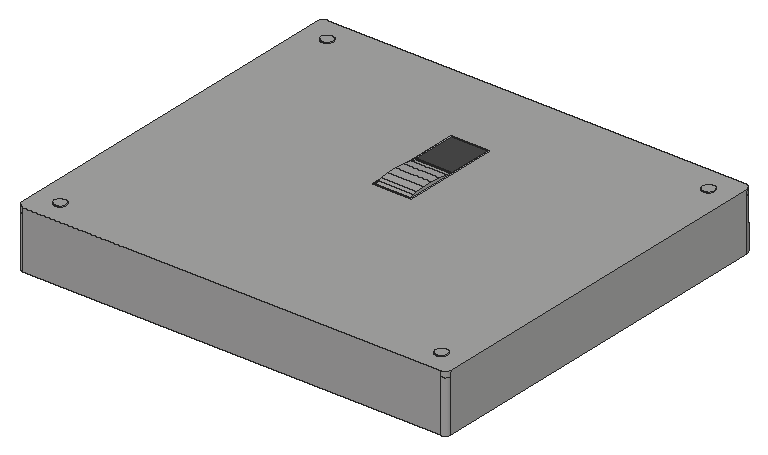
Revit family "Flush-Valve-Commercial_TET2LN_TOTO", category Plumbing Fixtures, host Face, Revit 2013
Parameters (values of type "TET2LN31")
  ecoScorecard_data = " "
  ecoScorecard Product Page = "  "
  Width = 1' - 2"
  Waste Connection NPT Radius = 0' - 1"
  Waste Connection = yes
  Warranty URL = "http://www.totousa.com/warranty-registration"
  Warranty = "Three Year Warranty"  # constant formula
  WFU = 0
  Vent Connection = yes
  URL = "http://www.totousa.com"
  Toto BIM Number = "BM-00256"
  Subcategory = "Flush Valves"  # constant formula
  Style = "Commercial"  # constant formula
  Spec Sheet URL = "http://assets.totousa.com/product-files/SS-00090_TET2LN.pdf"
  Shipping Weight = 0.00 lbf
  Sensor Detection Time = "Factory setting at six (6) seconds minimum"  # constant formula
  Sensor Detection Range = "Self-adjusting to environment"  # constant formula
  Sensor = Low Gloss - Black
  Product Page URL = " "
  Plumbing Fixture Type = "Flushometer Valve"  # constant formula
  Parts Manual URL = " "
  Owners Manual URL = "  "
  Mount Type = "Concealed"  # constant formula
  Model = "TET2LN31"
  Method of Operation = "Automatic Flush"  # constant formula
  Material = "Bronze casting"  # constant formula
  Manufacturer Phone - Toll Free = "1-888-295-8134"  # constant formula
  Manufacturer Phone = "(770) 282-8686 "  # constant formula
  Manufacturer Fax = "(770) 282-0002"  # constant formula
  Manufacturer Email = "mailto:custservice@totousa.com "
  Manufacturer Address = "1155 Southern Road, Morrow, Georgia 30260"  # constant formula
  Manufacturer = "TOTO USA, Inc."  # constant formula
  Installation URL = " "
  Industry Standards = "Meets and exceeds ASME A112.19.2/CSA B45.1"  # constant formula
  Height = 1' - 1"
  HWFU = 0
  HW Connection = no
  Gallons Per Flush = 1.28 gal
  Finish = Metal - TOTO - Stainless Steel
  Description = "Sensor Toilet Flush Valve, Concealed 14 x 12\" (Back Spud Wall) - 1.28 GPF\""
  Depth = 0' - 7"
  Default Elevation = 1' - 11.37402"
  Cost Info = "mailto:custservice@totousa.com "
  Color Availability = "#SS Stainless Steel"  # constant formula
  Cold Water Connection NPT Radius = 0' - 0 1/2"
  Code Compliance = "UPC, IPC, NSPC, NPC Canada, and others"  # constant formula
  Certifications = "IAPMO(cUPC), State of Massachusetts, City of Los Angeles"  # constant formula
  CWFU = 0
  CW Connection = yes
  CAD Drawing URL = "http://assets.totousa.com/product-files/AD-00364_TET2_GN_LN_TEU2_GN_LN_UN.dxf"
  Assembly Code = "D2010210"
  ADA Compliant = yes
  95 CSI = "15410"  # constant formula
  04 CSI = "22 42 13"  # constant formula
Reference planes (in)
  plane 1 "Center (Front/Back)": y = 0
  plane 2: z = 0
  plane 3 "Center (Left/Right)": x = 0
  plane 4: z = 3
  plane 5: z = 14
  plane 6: z = 5
Forms (in)
  Extrusion 1, solid, material "Metal - TOTO - Stainless Steel" <- "Finish"
    sketch origin (0, -20.28136, 3) x (0, 1, 0) y (-1, 0, 0)
      loop
        line (26.3522, 7.05) -> (14.21053, 7.05)
        arc (14.21053, 7.05) -> (14.07205, 6.99264) -> (14.0147, 6.85417) r 0.19583
        line (14.0147, 6.85417) -> (14.0147, -6.85417)
        arc (14.0147, -6.85417) -> (14.07205, -6.99264) -> (14.21053, -7.05) r 0.19583
        line (14.21053, -7.05) -> (26.3522, -7.05)
        arc (26.3522, -7.05) -> (26.49067, -6.99264) -> (26.54803, -6.85417) r 0.19583
        line (26.54803, -6.85417) -> (26.54803, 6.85417)
        arc (26.54803, 6.85417) -> (26.49067, 6.99264) -> (26.3522, 7.05) r 0.19583
      loop
        circle (14.79803, 6.26667) r 0.1961
      loop
        circle (25.7647, 6.26667) r 0.1961
      loop
        circle (25.7647, -6.26667) r 0.1961
      loop
        circle (14.79803, -6.26667) r 0.1961
    from -3 to -2.84063
  Extrusion 2, solid
    sketch origin (0, -20.28136, 3) x (0, 1, 0) y (-1, 0, 0)
      loop
        line (22.27886, 0.5875) -> (20.63386, 0.5875) -> (20.63386, -0.5875) -> (22.27886, -0.5875) -> (22.27886, 0.5875)
      loop
        line (23.79701, 0.61298) -> (22.35567, 0.61298)
        arc (22.35567, 0.61298) -> (22.32798, 0.60151) -> (22.31651, 0.57382) r 0.03917
        line (22.31651, 0.57382) -> (22.31651, -0.57675)
        arc (22.31651, -0.57675) -> (22.32798, -0.60444) -> (22.35567, -0.61591) r 0.03917
        line (22.35567, -0.61591) -> (23.79701, -0.61591) -> (23.79701, 0.61298)
      loop
        line (20.63386, -0.62667) -> (23.80636, -0.62667) -> (23.80636, 0.62667) -> (20.63386, 0.62667)
        arc (20.63386, 0.62667) -> (20.60617, 0.6152) -> (20.5947, 0.5875) r 0.03917
        line (20.5947, 0.5875) -> (20.5947, -0.5875)
        arc (20.5947, -0.5875) -> (20.60617, -0.6152) -> (20.63386, -0.62667) r 0.03917
    from -3 to -2.84063
  Extrusion 3, void
    sketch origin (0, -20.28136, 3) x (-1, 0, 0) y (0, 1, 0)
      loop
        line (0.62667, 20.5947) -> (0.62667, 23.80636) -> (-0.62667, 23.80636) -> (-0.62667, 20.5947) -> (0.62667, 20.5947)
    from 2.84063 to 3
  Extrusion 4, solid, material "Low Gloss - Black" <- "Sensor"
    sketch origin (0, -20.28136, 3) x (0, 1, 0) y (-1, 0, 0)
      loop
        arc (22.31651, -0.57675) -> (22.32798, -0.60444) -> (22.35567, -0.61591) r 0.03917
        line (22.35567, -0.61591) -> (23.79701, -0.61591) -> (23.79701, 0.61298) -> (22.35567, 0.61298)
        arc (22.35567, 0.61298) -> (22.32798, 0.60151) -> (22.31651, 0.57382) r 0.03917
        line (22.31651, 0.57382) -> (22.31651, -0.57675)
    from -3 to -2.84063
  Extrusion 5, solid, material "Metal - TOTO - Stainless Steel" <- "Finish"
    sketch origin (0, -1.625, 0) x (0, 1, 0) y (0, 0, 1)
      loop
        line (3.6225, 0) -> (3.6225, 0.15937)
        arc (3.6225, 0.15937) -> (3.53268, 0.17815) -> (3.44244, 0.19476) r 3.79841
        arc (3.44244, 0.19476) -> (3.30047, 0.21637) -> (3.15779, 0.2326) r 3.79841
        arc (3.15779, 0.2326) -> (3.00443, 0.24398) -> (2.85074, 0.24915) r 3.79841
        arc (2.85074, 0.24915) -> (2.68404, 0.24772) -> (2.51756, 0.23897) r 3.79841
        arc (2.51756, 0.23897) -> (2.38017, 0.22621) -> (2.24334, 0.20847) r 3.79841
        arc (2.24334, 0.20847) -> (2.17882, 0.19835) -> (2.11448, 0.18711) r 3.79841
        arc (2.11448, 0.18711) -> (2.04586, 0.17387) -> (1.9775, 0.15937) r 3.79841
        line (1.9775, 0.15937) -> (1.9775, 0) -> (3.6225, 0)
    from -0.5875 to 0.5875
  Extrusion 6, void
    sketch origin (0, -20.28136, 3) x (-1, 0, 0) y (0, 1, 0)
      loop
        arc (-6.85417, 26.54803) -> (-6.99264, 26.49067) -> (-7.05, 26.3522) r 0.19583
        line (-7.05, 26.3522) -> (-7.05, 14.21053)
        arc (-7.05, 14.21053) -> (-6.99264, 14.07205) -> (-6.85417, 14.0147) r 0.19583
        line (-6.85417, 14.0147) -> (6.85417, 14.0147)
        arc (6.85417, 14.0147) -> (6.99264, 14.07205) -> (7.05, 14.21053) r 0.19583
        line (7.05, 14.21053) -> (7.05, 26.3522)
        arc (7.05, 26.3522) -> (6.99264, 26.49067) -> (6.85417, 26.54803) r 0.19583
        line (6.85417, 26.54803) -> (-6.85417, 26.54803)
    from 3 to 4.72038
  Extrusion 7, solid, material "Metal - TOTO - Stainless Steel" <- "Finish"
    sketch origin (0, -20.28136, 3) x (0, 1, 0) y (-1, 0, 0)
      loop
        line (26.54803, -6.85417) -> (26.54803, 6.85417)
        arc (26.54803, 6.85417) -> (26.49067, 6.99264) -> (26.3522, 7.05) r 0.19583
        line (26.3522, 7.05) -> (14.21053, 7.05)
        arc (14.21053, 7.05) -> (14.07205, 6.99264) -> (14.0147, 6.85417) r 0.19583
        line (14.0147, 6.85417) -> (14.0147, -6.85417)
        arc (14.0147, -6.85417) -> (14.07205, -6.99264) -> (14.21053, -7.05) r 0.19583
        line (14.21053, -7.05) -> (26.3522, -7.05)
        arc (26.3522, -7.05) -> (26.49067, -6.99264) -> (26.54803, -6.85417) r 0.19583
    from -4.72038 to -3
  Extrusion 8, solid, material "Metal - TOTO - Stainless Steel" <- "Finish"
    sketch origin (0, -20.28136, 3) x (0, 1, 0) y (-1, 0, 0)
      loop
        circle (14.79803, 6.26667) r 0.1961
      loop
        circle (14.79803, -6.26667) r 0.1961
      loop
        circle (25.7647, -6.26667) r 0.1961
      loop
        circle (25.7647, 6.26667) r 0.1961
    from -3 to -2.83337
Cuts and joins
  Extrusion 3, Extrusion 6 cuts Extrusion 1
  joined: Extrusion 1, Extrusion 5, Extrusion 7, Extrusion 8
Dimensions and locks (in)
  plane 4 to level = 0' - 3"
  locked: plane 5 to plane 2 at 14
  locked: plane 5 to plane 6 at 9
  aligned and locked: plane 2 to host face
  aligned and locked: level to host face
  aligned and locked: Extrusion 1 to level
  aligned and locked: Extrusion 2 to level
  aligned and locked: Extrusion 3 to host face
  aligned and locked: Extrusion 4 to host face
  aligned and locked: Extrusion 6 to Extrusion 7
  aligned and locked: Extrusion 8 to host face
